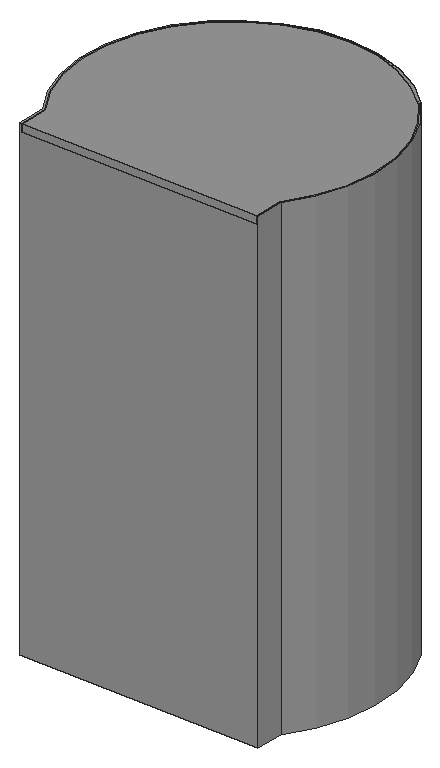
Revit family "3000 Bjørk Handdryer", category Furniture Systems, host Wall, Revit 2018
Family settings
  Host = Wall
  Round Connector Dimension = Use Diameter
  Part Type = Normal
  Always vertical = Yes
  Cut with Voids When Loaded = No
  Shared = No
  Room Calculation Point = No
Parameters (values of type "OSLO")
  URL = "http://www.dandryer.dk/da-dk/produkter/produktserie-%E2%80%93-bjork/3000-bjork-haandtoerrer--hvid"
  Type Image = <None>
  Surface Top = OSLO
  Surface Front = WHITE
  Model = "Björk-3000"
  Manufacturer = "Dan Dryer"
  Description = "Touch-free hand dryer"
  Cost = 0
Types (6, lengths in mm): name | Surface Top
  BIRK | BIRK
  GEO WHITE | GEO WHITE
  GRIGIO LONDRA | GRIGIO LONDRA
  NEGRO INGO | NEGRO INGO
  OSLO | OSLO
  BIANCO MALE | BIANCO MALE
Reference planes
  plane 1 "Wall": y = 0
  plane 2 "Center (Left/Right)": x = 125
  plane 3 "Back": y = 75
Forms (mm)
  Extrusion 1, solid, material "WHITE", not visible
    sketch origin (0, 0, 0) x (1, 0, 0) y (0, 1, 0)
      loop
        arc (42.212, 95.366) -> (42.426, 94.946) -> (42.5, 94.481) r 1.5
        line (42.5, 94.481) -> (42.5, 75.3) -> (43.7, 75.3) -> (43.7, 94.481)
        arc (43.7, 94.481) -> (43.567, 95.318) -> (43.181, 96.073) r 2.7
        arc (43.181, 96.073) -> (125, 257.1) -> (206.819, 96.073) r 101.3
        arc (206.819, 96.073) -> (206.433, 95.318) -> (206.3, 94.481) r 2.7
        line (206.3, 94.481) -> (206.3, 75.3) -> (207.5, 75.3) -> (207.5, 94.481)
        arc (207.5, 94.481) -> (207.574, 94.946) -> (207.788, 95.366) r 1.5
        arc (207.788, 95.366) -> (125, 258.3) -> (42.212, 95.366) r 102.5
    from 900 to 1230
  Extrusion 2, void, not visible
    sketch origin (207.5, 94.481, 0) x (0, 1, 0) y (0, 0, -1)
      loop
        line (-19.181, -1225) -> (-19.181, -1230) -> (6.154, -1230)
        arc (6.154, -1230) -> (3.068, -1228.36) -> (2.105, -1225) r 4.47
        line (2.105, -1225) -> (-19.181, -1225)
    from -10.952 to 170.161
  Extrusion 3, void, not visible
    sketch origin (207.5, 94.481, 2130) x (0, 1, 0) y (0, 0, -1)
      loop
        line (-19.181, 1225) -> (2.105, 1225)
        arc (2.105, 1225) -> (3.068, 1228.36) -> (6.154, 1230) r 4.47
        line (6.154, 1230) -> (-19.181, 1230) -> (-19.181, 1225)
    from -6 to 179.451
  Extrusion 4, solid, not visible
    sketch origin (207.5, 75.3, 907) x (0, 1, 0) y (-1, 0, 0)
      loop
        line (0, 163.8) -> (0, 1.2) -> (19.181, 1.2)
        arc (19.181, 1.2) -> (20.018, 1.067) -> (20.773, 0.681) r 2.7
        arc (20.773, 0.681) -> (181.8, 82.5) -> (20.773, 164.319) r 101.3
        arc (20.773, 164.319) -> (20.018, 163.933) -> (19.181, 163.8) r 2.7
        line (19.181, 163.8) -> (0, 163.8)
    from 0 to -2
  Extrusion 5, void, not visible
    sketch origin (206.3, 75.3, 0) x (-1, 0, 0) y (0, 0, 1)
      loop
        arc (83.312, 976) -> (81.303, 978.014) -> (79.288, 976) r 2.012
        line (79.288, 976) -> (79.285, 930)
        arc (79.285, 930) -> (81.297, 927.986) -> (83.312, 930) r 2.012
        line (83.312, 930) -> (83.312, 976)
    from 174.915 to 189.234
  Extrusion 6, solid, not visible
    sketch origin (206.3, 75.3, 0) x (1, 0, 0) y (0, 0, 1)
      loop
        line (-83.312, 975.984) -> (-83.312, 930)
        arc (-83.312, 930) -> (-81.291, 928.118) -> (-79.287, 930.016) r 2.015
        line (-79.287, 930.016) -> (-79.288, 976)
        arc (-79.288, 976) -> (-81.309, 977.882) -> (-83.312, 975.984) r 2.015
    from -182.98 to -174.915
  Extrusion 7, solid, material "Mat Sort", not visible
    sketch origin (0, 0, 0) x (1, 0, 0) y (0, 1, 0)
      loop
        arc (42.212, 95.366) -> (42.426, 94.946) -> (42.5, 94.481) r 1.5
        line (42.5, 94.481) -> (42.5, 75.3) -> (43.7, 75.3) -> (43.7, 94.481)
        arc (43.7, 94.481) -> (43.567, 95.318) -> (43.181, 96.073) r 2.7
        arc (43.181, 96.073) -> (125, 257.1) -> (206.819, 96.073) r 101.3
        arc (206.819, 96.073) -> (206.433, 95.318) -> (206.3, 94.481) r 2.7
        line (206.3, 94.481) -> (206.3, 75.3) -> (207.5, 75.3) -> (207.5, 94.481)
        arc (207.5, 94.481) -> (207.574, 94.946) -> (207.788, 95.366) r 1.5
        arc (207.788, 95.366) -> (125, 258.3) -> (42.212, 95.366) r 102.5
    from 900 to 1230
Text (mm)
  text "Placement Side" at (-1848.837, 1116.779, 0), in view "Ref. Level"
  text "Placement side" at (0, 1409.804, 2854.306), in view "Left"
  text "Placement side" at (0, 499.811, 2980.732), in view "Right"
Dimensions and locks
  locked: plane 3 "Back" to host wall
  aligned and locked: plane 1 "Wall" to host wall
  aligned and locked: plane 3 "Back" to nested 1  (x2)
Nested families
  nested 1: "Master Handdryer" at (125, 75, 1100), type "Master Handdryer"
Definition of nested family "Master Handdryer"
  Parameters (values of type "Master Handdryer")
    Surface Top = none
    Surface Front = none
  Reference planes
    plane 1 "Center (Front/Back)": y = 0
    plane 2: z = 0
    plane 3 "Center (Left/Right)": x = 0
  Forms (mm)
    Extrusion 1, solid, material <- "Surface Front"
      sketch origin (0, 0, 0) x (1, 0, 0) y (0, 1, 0)
        loop
          arc (82.5, 19.672) -> (0, 183) -> (-82.5, 19.672) r 102.5
          line (-82.5, 19.672) -> (-82.5, 0) -> (82.5, 0) -> (82.5, 19.672)
      from 0 to 330
    Extrusion 2, solid, material <- "Surface Top"
      sketch origin (0, 0, 330) x (1, 0, 0) y (0, 1, 0)
        loop
          arc (81.3, 20.068) -> (0, 181.8) -> (-81.3, 20.068) r 101.3
          line (-81.3, 20.068) -> (-81.3, 0) -> (81.3, 0) -> (81.3, 20.068)
      from 0 to -5
    Extrusion 3, void
      sketch origin (0, 0, 0) x (1, 0, 0) y (0, 1, 0)
        loop
          line (-81.3, 0) -> (81.3, 0) -> (81.3, 20.068)
          arc (81.3, 20.068) -> (0, 181.8) -> (-81.3, 20.068) r 101.3
          line (-81.3, 20.068) -> (-81.3, 0)
      from 325 to 330
  Cuts and joins
    Extrusion 3 cuts Extrusion 1
  Dimensions and locks
    aligned and locked: level to plane 2
